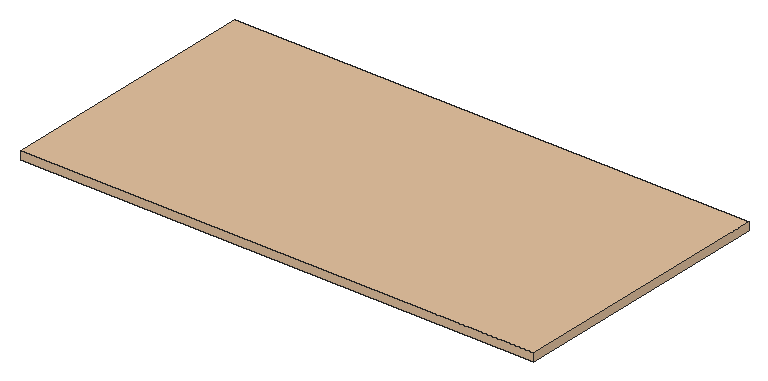
Revit family "9947d21d6edd4278bfce7b8193a658b7", category Casework, Revit 2021
Family settings
  OmniClass Number = 23.40.35.17.47.11
  OmniClass Title = Kitchen Casework
  Seek Item ID = Counter Top-Island-0000-USA-ENU
  Work Plane-Based = No
  Always vertical = Yes
  Cut with Voids When Loaded = No
  Shared = Yes
  Room Calculation Point = No
Parameters (values of type "48" Depth")
  Default Elevation = 0' - 0"
  Assembly Code = "C1030400"
  Counter Thickness = 0' - 1 1/2"
  Counter Top Material = none
  Depth [instance] = 4' - 2"
  Height = 3' - 0"
  Length [instance] = 8' - 0"
Reference planes (in)
  plane 1 "Back": y = 0
  plane 2: z = 0
  plane 3 "Left": x = -47.2623
  plane 4 "Right": x = 48.7377
  plane 5 "Front": y = -49
  plane 6 "Top": z = 36
  plane 7 "Top Of Cabinet": z = 34.5
  plane 8: y = -18
  plane 9: y = -34
  plane 10: y = 1
  plane 11: y = -48
Forms (in)
  Extrusion 1, solid, material <- "Counter Top Material"
    sketch origin (0, 0, 0) x (1, 0, 0) y (0, 1, 0)
      loop
        line (-47.2623, 1) -> (-47.2623, -49) -> (48.7377, -49) -> (48.7377, 1) -> (-47.2623, 1)
    from 34.5 to 36
Lines and regions (in)
  Masking region 1
    outline origin (0, 0, 34.5) x (0, -1, 0) y (1, 0, 0)
      loop
        line (-1, -47.2623) -> (49, -47.2623) -> (49, 48.7377) -> (-1, 48.7377) -> (-1, -47.2623)
Dimensions and locks (in)
  "Length": plane 3 "Left" to plane 4 "Right"
  "Height": level to plane 6 "Top"
  "Counter Thickness": plane 7 "Top Of Cabinet" to plane 6 "Top"
  "Depth": plane 5 "Front" to plane 10
  locked: plane 1 "Back" to plane 10 at 1
  locked: plane 5 "Front" to plane 11 at 1
  aligned and locked: plane 4 "Right" to Extrusion 1 sketch curve
  aligned and locked: Extrusion 1 sketch curve to plane 3 "Left"
  aligned and locked: Extrusion 1 to plane 6 "Top"
  aligned and locked: plane 7 "Top Of Cabinet" to Extrusion 1
  aligned and locked: plane 10 to Extrusion 1 sketch curve
  aligned and locked: Extrusion 1 sketch curve to plane 5 "Front"
  aligned and locked: plane 4 "Right" to Masking region 1 sketch curve
  aligned and locked: Masking region 1 sketch curve to plane 5 "Front"
  aligned and locked: Masking region 1 sketch curve to plane 3 "Left"
  aligned and locked: plane 10 to Masking region 1 sketch curve
